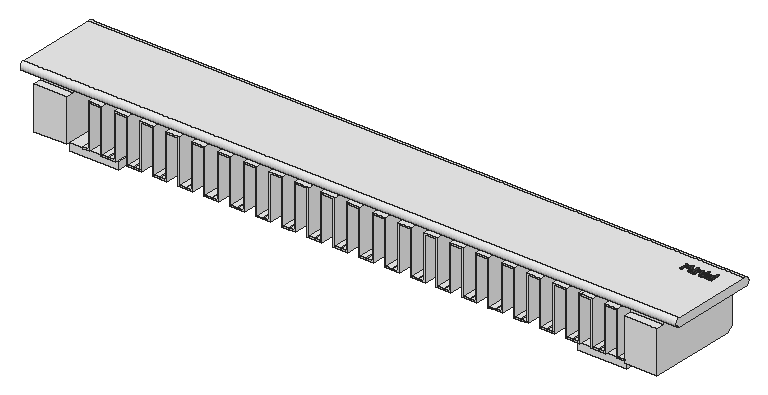
Revit family "Runtal-RF-1", category Mechanical Equipment, host Face, Revit 2026
Family settings
  Host = Face
  Round Connector Dimension = Use Diameter
  Part Type = Normal
  Classification Number = 23.75.10.14.14
  Cut with Voids When Loaded = No
  Maintain Annotation Orientation = No
  Shared = No
  Room Calculation Point = No
Parameters (values of type "Radiator-RF_1-Runtal-Commercial")
  URL = "http://www.runtalnorthamerica.com/commercial_institutional/type_rf.html"
  Model = "RF-1"
  Manufacturer = "Runtal Radiators"
  Logo = Paint-Runtal-B-Black Matte
  Length = 508.000 mm
  Lamelle = yes
  Height = 144.780 mm
  Grille Visibility = Actual Length < 1524.000 mm  # yes
  Grille = yes
  Frame = UHMW, White
  Fin Length = Actual Length - 38.100 mm - 38.100 mm  # 431.800 mm
  Fin Height = 67.000 mm
  Description = "RF radiators are mounted horizontally and consist of two rows of fins sandwiched between two layers of panels."
  Default Elevation = 1219.200 mm
  Casing = Powder Coated-Runtal-W-White
  Assembly Code = "D3020"
  Actual Length = if(Length < 508.000 mm, 508.000 mm, (if(Length > 8991.600 mm, 8991.600 mm, Length)))  # 508.000 mm
Reference planes
  plane 1 "Center (Front/Back)": y = 0
  plane 2: z = 0
  plane 3 "Center (Left/Right)": x = 0
  plane 4: z = 41.275
  plane 5: x = -254
  plane 6: x = 254
  plane 7: x = 215.9
  plane 8: x = -215.9
  plane 9: z = 47.625
  plane 10: x = -241.3
  plane 11: x = 241.3
  plane 12: y = 72.38
  plane 13: y = -72.38
  plane 14 "Top": y = 70.586
  plane 15 "Above Top": y = 72.38
  plane 16: y = 60.38
  plane 17: y = 61.38
  plane 18: z = 6.782
  plane 19: z = 36.275
  plane 20: z = 11.782
Forms (mm)
  Sweep 1, solid, material "Powder Coated-Runtal-W-White" <- "Casing"
    path origin (0, 2.53, -161.627) x (0, 0, -1) y (-1, 0, 0)
      loop
        line (-202.902, 254) -> (-202.902, -254)
    profile "PF Panel : PF Panel" origin (0, 2.53, 41.275) x (0, 0, -1) y (0, 1, 0)
      loop
        arc (-6.35, 3.175) -> (-3.175, 0) -> (0, 3.175) r 3.175
        line (0, 3.175) -> (0, 66.675)
        arc (0, 66.675) -> (-3.175, 69.85) -> (-6.35, 66.675) r 3.175
        line (-6.35, 66.675) -> (-6.35, 3.175)
  Extrusion 2, solid, material "Powder Coated-Runtal-W-White" <- "Casing", detail levels medium+fine
    sketch origin (0, 72.38, -82.252) x (0, 0, -1) y (-1, 0, 0)
      loop
        line (-87.652, 177.8) -> (-82.252, 177.8) -> (-82.252, 215.9) -> (-87.652, 215.9) -> (-87.652, 177.8)
      loop
        line (-87.698, -177.8) -> (-87.698, -215.9) -> (-82.252, -215.9) -> (-82.252, -177.8) -> (-87.698, -177.8)
    from -69.85 to -12
  Extrusion 3, solid, material "Powder Coated-Runtal-W-White" <- "Casing"
    sketch origin (0, -823.718, -82.38) x (0, 0, -1) y (0, 1, 0)
      loop
        line (-120.044, 894.716) -> (-123.655, 894.716) -> (-123.655, 877.758) -> (-120.48, 877.758) -> (-120.48, 844.553) -> (-123.655, 844.553) -> (-123.655, 830.329) -> (-120.48, 830.329) -> (-120.48, 823.718) -> (-87.78, 823.718) -> (-87.78, 892.046)
        arc (-87.78, 892.046) -> (-90.027, 894.984) -> (-93.554, 896.098) r 6.139
        line (-93.554, 896.098) -> (-115.316, 896.098)
        arc (-115.316, 896.098) -> (-117.779, 895.746) -> (-120.044, 894.716) r 8.781
    from 215.9 to 241.3
  Extrusion 4, solid, material "Powder Coated-Runtal-W-White" <- "Casing"
    sketch origin (-457.2, -987.433, -265.714) x (0, 0, -1) y (0, 1, 0)
      loop
        line (-303.378, 1058.431) -> (-306.989, 1058.431) -> (-306.989, 1041.473) -> (-303.814, 1041.473) -> (-303.814, 1008.268) -> (-306.989, 1008.268) -> (-306.989, 994.043) -> (-303.814, 994.043) -> (-303.814, 987.433) -> (-271.114, 987.433) -> (-271.114, 1055.761)
        arc (-271.114, 1055.761) -> (-273.361, 1058.699) -> (-276.887, 1059.813) r 6.139
        line (-276.887, 1059.813) -> (-298.649, 1059.813)
        arc (-298.649, 1059.813) -> (-301.112, 1059.46) -> (-303.378, 1058.431) r 8.781
    from 215.9 to 241.3
  Extrusion 5, solid, material "Paint-Runtal-B-Black Matte" <- "Logo"
    sketch origin (0, -823.718, -231.775) x (1, 0, 0) y (0, 1, 0)
      loop
        line (215.9, 877.175) -> (217.482, 877.175) -> (217.482, 880.935)
        arc (217.482, 880.935) -> (218.028, 881.547) -> (218.698, 881.075) r 0.616
        arc (218.698, 881.075) -> (218.926, 880.633) -> (219.216, 880.229) r 3.37
        line (219.216, 880.229) -> (221.077, 880.229) -> (219.757, 883.061)
        arc (219.757, 883.061) -> (219.338, 883.403) -> (218.812, 883.525) r 1.194
        line (218.812, 883.525) -> (216.635, 883.525)
        arc (216.635, 883.525) -> (216.118, 883.334) -> (215.9, 882.827) r 0.699
        line (215.9, 882.827) -> (215.9, 877.175)
      loop
        line (222.852, 877.146) -> (225.869, 877.146) -> (225.869, 883.46)
        arc (225.869, 883.46) -> (225.105, 883.929) -> (224.341, 883.46) r 0.856
        line (224.341, 883.46) -> (224.341, 879.55)
        arc (224.341, 879.55) -> (223.721, 878.929) -> (223.1, 879.55) r 0.62
        line (223.1, 879.55) -> (221.834, 883.692)
        arc (221.834, 883.692) -> (220.996, 884.11) -> (220.536, 883.296) r 0.68
        line (220.536, 883.296) -> (221.738, 878.473)
        arc (221.738, 878.473) -> (222.142, 877.681) -> (222.852, 877.146) r 1.976
      loop
        line (226.263, 877.175) -> (227.738, 877.175) -> (227.738, 881.08)
        arc (227.738, 881.08) -> (228.119, 881.677) -> (228.747, 881.35) r 0.524
        line (228.747, 881.35) -> (229.931, 878.096)
        arc (229.931, 878.096) -> (230.64, 877.334) -> (231.68, 877.312) r 1.335
        line (231.68, 877.312) -> (230.282, 882.529)
        arc (230.282, 882.529) -> (229.99, 883.234) -> (229.286, 883.525) r 0.996
        line (229.286, 883.525) -> (226.837, 883.525)
        arc (226.837, 883.525) -> (226.431, 883.357) -> (226.263, 882.951) r 0.574
        line (226.263, 882.951) -> (226.263, 877.175)
      loop
        line (232.362, 877.175) -> (233.546, 877.175) -> (233.546, 880.946)
        arc (233.546, 880.946) -> (233.686, 881.325) -> (234.038, 881.521) r 0.582
        line (234.038, 881.521) -> (236.904, 881.521)
        arc (236.904, 881.521) -> (237.565, 880.86) -> (236.904, 880.199) r 0.661
        line (236.904, 880.199) -> (235.445, 880.199)
        arc (235.445, 880.199) -> (234.937, 879.989) -> (234.726, 879.481) r 0.718
        line (234.726, 879.481) -> (234.726, 877.743)
        arc (234.726, 877.743) -> (235.131, 877.463) -> (235.621, 877.417) r 0.967
        line (235.621, 877.417) -> (238.115, 877.417)
        arc (238.115, 877.417) -> (238.698, 877.659) -> (238.939, 878.241) r 0.824
        line (238.939, 878.241) -> (238.939, 881.716)
        arc (238.939, 881.716) -> (238.614, 882.502) -> (237.828, 882.828) r 1.111
        line (237.828, 882.828) -> (234.143, 882.828)
        arc (234.143, 882.828) -> (233.721, 883.003) -> (233.546, 883.425) r 0.597
        line (233.546, 883.425) -> (233.546, 884.441)
        arc (233.546, 884.441) -> (232.868, 885.118) -> (232.191, 884.441) r 0.677
        line (232.191, 884.441) -> (232.191, 882.794)
        arc (232.191, 882.794) -> (231.752, 882.355) -> (231.152, 882.194) r 1.2
        arc (231.152, 882.194) -> (230.815, 881.857) -> (231.152, 881.521) r 0.336
        arc (231.152, 881.521) -> (231.811, 881.385) -> (232.362, 880.998) r 1.661
        line (232.362, 880.998) -> (232.362, 877.175)
      loop
        spline (235.817, 878.915) -> (235.846, 878.769) -> (235.933, 878.633) -> (236.07, 878.516) -> (236.248, 878.426) -> (236.456, 878.37) -> (236.68, 878.35) -> (236.903, 878.37) -> (237.111, 878.426) -> (237.289, 878.516) -> (237.427, 878.633) -> (237.513, 878.769) -> (237.542, 878.915)
        spline (237.542, 878.915) -> (237.513, 879.061) -> (237.427, 879.198) -> (237.289, 879.315) -> (237.111, 879.404) -> (236.903, 879.461) -> (236.68, 879.48) -> (236.456, 879.461) -> (236.248, 879.404) -> (236.07, 879.315) -> (235.933, 879.198) -> (235.846, 879.061) -> (235.817, 878.915)
      loop
        line (239.224, 877.175) -> (240.643, 877.175) -> (240.643, 884.403)
        arc (240.643, 884.403) -> (239.934, 885.113) -> (239.224, 884.403) r 0.71
        line (239.224, 884.403) -> (239.224, 877.175)
    from 279.4 to 279.569
  Extrusion 6, solid, material "Powder Coated-Runtal-W-White" <- "Casing"
    sketch origin (0, 0.171, 0) x (0, 1, 0) y (0, 0, 1)
      loop
        line (72.209, 41.275) -> (70.827, 41.275) -> (70.827, 6.782) -> (40.996, 6.782) -> (40.996, 5.4) -> (72.209, 5.4) -> (72.209, 41.275)
    from -215.9 to 215.9
Dimensions and locks
  locked: plane 4 to level at 41.275
  equal spacing: plane 5, plane 3 "Center (Left/Right)", plane 6  (x2)
  locked: plane 9 to level at 47.625
  locked: plane 7 to plane 6 at 38.1
  locked: plane 8 to plane 5 at 38.1
  "Actual Length": plane 5 to plane 6
  locked: plane 11 to plane 6 at 12.7
  locked: plane 5 to plane 10 at 12.7
  plane 16 to plane 15 "Above Top" = 12.000 mm
  locked: plane 18 to host face at 6.782
  locked: plane 20 to host face at 11.782
  aligned and locked: plane 2 to host face
  aligned and locked: level to host face
  aligned and locked: nested 1 to plane 7
  aligned and locked: Extrusion 3 to plane 7
  aligned and locked: Extrusion 3 to plane 11
  aligned and locked: plane 7 to Extrusion 2
  aligned and locked: plane 11 to Extrusion 3  (x2)
  aligned and locked: plane 7 to Extrusion 3  (x2)
  aligned and locked: plane 10 to Extrusion 4
  aligned and locked: plane 8 to Extrusion 4
  aligned and locked: level to nested 2
  aligned and locked: plane 8 to nested 2
  aligned and locked: Extrusion 4 to Extrusion 2
  aligned and locked: plane 7 to Extrusion 6
  aligned and locked: Extrusion 6 to plane 8
  aligned and locked: plane 8 to nested 4
  aligned and locked: plane 7 to nested 4
  aligned and locked: Extrusion 3 to Extrusion 6
  aligned and locked: nested 5 to plane 8
  aligned and locked: plane 17 to nested 5
  aligned and locked: nested 5 to plane 7
  aligned and locked: plane 18 to nested 1  (x2)
  aligned and locked: plane 20 to nested 4
  aligned and locked: Extrusion 6 to nested 1
  aligned and locked: Extrusion 6 to Extrusion 4 sketch curve  (x2)
  aligned and locked: Extrusion 3 sketch curve to Extrusion 4  (x2)
  aligned and locked: Extrusion 2 to plane 16
Automatic sketch dimensions
  host sketch curve to host sketch curve = 2438.400 mm  (x2)
  Sweep 1 sketch curve to plane 4 = 0.000 mm
  plane 6 to Sweep 1 sketch curve = 0.000 mm
  plane 5 to Sweep 1 sketch curve = 0.000 mm
  Extrusion 2 sketch curve to plane 7 = 0.000 mm
  Extrusion 2 sketch curve to plane 8 = 0.000 mm
  Extrusion 2 sketch curve to level = 0.000 mm  (x2)
  Extrusion 2 sketch curve to plane 7 = 38.100 mm
  level to Extrusion 2 sketch curve = 5.400 mm
  level to Extrusion 2 sketch curve = 5.446 mm
  Extrusion 2 sketch curve to Extrusion 2 sketch curve = 38.100 mm
  Extrusion 5 sketch curve to plane 7 = 0.000 mm
  plane 12 to Extrusion 5 sketch curve = 18.953 mm
  plane 7 to Extrusion 5 sketch curve = 0.735 mm
  Extrusion 5 sketch curve to Extrusion 5 sketch curve = 1.582 mm
  Extrusion 5 sketch curve to Extrusion 5 sketch curve = 2.177 mm
  Extrusion 5 sketch curve to Extrusion 5 sketch curve = 1.734 mm
  Extrusion 5 sketch curve to Extrusion 5 sketch curve = 0.945 mm
  Extrusion 5 sketch curve to Extrusion 5 sketch curve = 0.779 mm
  Extrusion 5 sketch curve to Extrusion 5 sketch curve = 1.861 mm
  Extrusion 5 sketch curve to Extrusion 5 sketch curve = 0.661 mm
  Extrusion 5 sketch curve to Extrusion 5 sketch curve = 1.298 mm
  Extrusion 5 sketch curve to Extrusion 5 sketch curve = 1.114 mm
  Extrusion 5 sketch curve to Extrusion 5 sketch curve = 1.362 mm
  Extrusion 5 sketch curve to Extrusion 5 sketch curve = 2.507 mm
  Extrusion 5 sketch curve to Extrusion 5 sketch curve = 1.528 mm
  Extrusion 5 sketch curve to Extrusion 5 sketch curve = 0.394 mm
  Extrusion 5 sketch curve to Extrusion 5 sketch curve = 0.574 mm
  Extrusion 5 sketch curve to Extrusion 5 sketch curve = 1.475 mm
  Extrusion 5 sketch curve to Extrusion 5 sketch curve = 1.008 mm
  Extrusion 5 sketch curve to Extrusion 5 sketch curve = 0.539 mm
  Extrusion 5 sketch curve to Extrusion 5 sketch curve = 2.193 mm
  Extrusion 5 sketch curve to Extrusion 5 sketch curve = 0.996 mm
  Extrusion 5 sketch curve to Extrusion 5 sketch curve = 1.749 mm
  Extrusion 5 sketch curve to Extrusion 5 sketch curve = 1.909 mm
  Extrusion 5 sketch curve to Extrusion 5 sketch curve = 0.683 mm
  Extrusion 5 sketch curve to Extrusion 5 sketch curve = 1.355 mm
  Extrusion 5 sketch curve to Extrusion 5 sketch curve = 1.184 mm
  Extrusion 5 sketch curve to Extrusion 5 sketch curve = 0.492 mm  (x2)
  Extrusion 5 sketch curve to Extrusion 5 sketch curve = 1.181 mm
  Extrusion 5 sketch curve to Extrusion 5 sketch curve = 0.718 mm
  Extrusion 5 sketch curve to Extrusion 5 sketch curve = 0.894 mm
  Extrusion 5 sketch curve to Extrusion 5 sketch curve = 1.460 mm
  Extrusion 5 sketch curve to Extrusion 5 sketch curve = 0.923 mm
  Extrusion 5 sketch curve to Extrusion 5 sketch curve = 2.495 mm
  Extrusion 5 sketch curve to Extrusion 5 sketch curve = 1.111 mm
  Extrusion 5 sketch curve to Extrusion 5 sketch curve = 0.285 mm
  plane 11 to Extrusion 5 sketch curve = 0.657 mm
  Extrusion 5 sketch curve to Extrusion 5 sketch curve = 0.699 mm
  Extrusion 5 sketch curve to Extrusion 5 sketch curve = 0.616 mm
  Extrusion 5 sketch curve to Extrusion 5 sketch curve = 0.600 mm
  Extrusion 5 sketch curve to Extrusion 5 sketch curve = 0.660 mm
  Extrusion 5 sketch curve to Extrusion 5 sketch curve = 0.603 mm
  Extrusion 5 sketch curve to Extrusion 5 sketch curve = 0.065 mm
  Extrusion 5 sketch curve to Extrusion 5 sketch curve = 0.764 mm
  Extrusion 5 sketch curve to Extrusion 5 sketch curve = 0.870 mm
  Extrusion 5 sketch curve to Extrusion 5 sketch curve = 0.034 mm
  Extrusion 5 sketch curve to Extrusion 5 sketch curve = 0.582 mm
  Extrusion 5 sketch curve to Extrusion 5 sketch curve = 0.597 mm
  Extrusion 5 sketch curve to Extrusion 5 sketch curve = 0.000 mm  (x3)
  Extrusion 5 sketch curve to Extrusion 5 sketch curve = 0.735 mm
  Extrusion 5 sketch curve to Extrusion 5 sketch curve = 0.356 mm
  Extrusion 5 sketch curve to Extrusion 5 sketch curve = 0.863 mm
  Extrusion 5 sketch curve to Extrusion 5 sketch curve = 0.030 mm  (x4)
  Extrusion 5 sketch curve to Extrusion 5 sketch curve = 0.137 mm
  Extrusion 5 sketch curve to Extrusion 5 sketch curve = 0.242 mm
  Extrusion 5 sketch curve to Extrusion 5 sketch curve = 0.326 mm
  Extrusion 5 sketch curve to Extrusion 5 sketch curve = 0.784 mm
  Extrusion 5 sketch curve to Extrusion 5 sketch curve = 1.327 mm
  Extrusion 5 sketch curve to Extrusion 5 sketch curve = 1.109 mm
  Extrusion 5 sketch curve to Extrusion 5 sketch curve = 0.599 mm
  Extrusion 5 sketch curve to Extrusion 5 sketch curve = 1.756 mm
  Extrusion 5 sketch curve to Extrusion 5 sketch curve = 0.706 mm
  Extrusion 5 sketch curve to Extrusion 5 sketch curve = 1.466 mm
  Extrusion 5 sketch curve to Extrusion 5 sketch curve = 0.051 mm
  Extrusion 5 sketch curve to Extrusion 5 sketch curve = 2.984 mm
  Extrusion 5 sketch curve to Extrusion 5 sketch curve = 0.270 mm
  Extrusion 5 sketch curve to Extrusion 5 sketch curve = 0.195 mm
  Extrusion 5 sketch curve to Extrusion 5 sketch curve = 1.179 mm
  Extrusion 5 sketch curve to Extrusion 5 sketch curve = 0.631 mm
  Extrusion 5 sketch curve to Extrusion 5 sketch curve = 1.892 mm
  Extrusion 5 sketch curve to Extrusion 5 sketch curve = 0.464 mm
  Extrusion 5 sketch curve to Extrusion 5 sketch curve = 0.235 mm
  Extrusion 5 sketch curve to Extrusion 5 sketch curve = 0.509 mm
  Extrusion 5 sketch curve to Extrusion 5 sketch curve = 1.297 mm
  Extrusion 5 sketch curve to Extrusion 5 sketch curve = 1.575 mm
  Extrusion 5 sketch curve to Extrusion 5 sketch curve = 1.647 mm
  Extrusion 5 sketch curve to Extrusion 5 sketch curve = 0.544 mm
  Extrusion 5 sketch curve to Extrusion 5 sketch curve = 1.307 mm
  Extrusion 5 sketch curve to Extrusion 5 sketch curve = 0.336 mm
  Extrusion 5 sketch curve to Extrusion 5 sketch curve = 0.387 mm
  plane 4 to Extrusion 4 sketch curve = 0.000 mm  (x2)
  Extrusion 4 sketch curve to plane 1 "Center (Front/Back)" = 0.000 mm
  plane 4 to Extrusion 4 sketch curve = 3.175 mm
  Extrusion 4 sketch curve to plane 1 "Center (Front/Back)" = 6.610 mm
  Extrusion 4 sketch curve to Extrusion 4 sketch curve = 3.175 mm
  level to Extrusion 4 sketch curve = 11.173 mm
  plane 14 "Top" to Extrusion 4 sketch curve = 2.258 mm
  level to Extrusion 4 sketch curve = 5.400 mm
  Extrusion 4 sketch curve to Extrusion 4 sketch curve = 14.225 mm
  plane 4 to Extrusion 3 sketch curve = 0.000 mm  (x2)
  Extrusion 3 sketch curve to plane 1 "Center (Front/Back)" = 0.000 mm
  plane 4 to Extrusion 3 sketch curve = 3.175 mm  (x2)
  Extrusion 3 sketch curve to plane 1 "Center (Front/Back)" = 6.610 mm
  level to Extrusion 3 sketch curve = 11.173 mm
  plane 14 "Top" to Extrusion 3 sketch curve = 2.258 mm
  level to Extrusion 3 sketch curve = 5.400 mm
  Extrusion 3 sketch curve to Extrusion 3 sketch curve = 14.225 mm
  Extrusion 6 sketch curve to plane 4 = 0.000 mm
  plane 12 to Extrusion 6 sketch curve = 0.000 mm
  level to Extrusion 6 sketch curve = 5.400 mm
  Extrusion 6 sketch curve to plane 14 "Top" = 0.412 mm
  Extrusion 6 sketch curve to Extrusion 6 sketch curve = 29.831 mm
  Extrusion 6 sketch curve to Extrusion 6 sketch curve = 1.382 mm
  plane 19 to Extrusion 4 sketch curve = 3.340 mm
  plane 16 to Extrusion 4 sketch curve = 6.340 mm
  Extrusion 4 sketch curve to plane 19 = 1.389 mm
  plane 19 to Extrusion 3 sketch curve = 3.340 mm
  plane 16 to Extrusion 3 sketch curve = 6.340 mm
  Extrusion 3 sketch curve to plane 19 = 1.389 mm
Nested families
  nested 1: "Family Fins" at (215.9, 0, 6.782) x (-1, 0, 0) z (0, 1, 0), type "Family Fins", detail levels medium+fine
    with fHeight 67.000 mm
  nested 2: "RF_Plan_Medium" at (-0.012, 0, 0) x (-1, 0, 0) z (0, -1, 0), type "RF_Plan_Medium", detail levels medium+fine
  nested 3: "RF_Plan_coarse" at (-0.012, 72.38, 0.952) x (-1, 0, 0) z (0, -1, 0), type "RF_Plan_coarse"
  nested 4: "Family Grilles" at (-215.9, 72.38, 11.782) x (1, 0, 0) z (0, -1, 0), visible <- "Grille Visibility", type "Family Grilles", detail levels fine
  nested 5: "Family Back Grilles" at (215.9, 61.38, 5.4) x (-1, 0, 0) z (0, 0, -1), visible <- "Grille Visibility", type "Family Back Grilles", detail levels fine
Connectors
  piping at (-196.85, 31.455, 0), diameter 609.6
    settings: on Extrusion 2, index 1, connector inside diameter 24", connector length 0.000 mm, flow factor 0, pipe flow 0 GPM, pressure drop 0.00 psi, fitting loss kfactor 0, connector angle 0.00°, fixture units 0, engagement length 0.000 mm, angle of deflection 0.00°, flow configuration 0, flow direction 0, fitting loss method 0, system type 7, joint type 0, gender type 0, connector reference index -1, connector utility 0, adjustable connector no, is connector primary yes, connector description ""
Definition of nested family "Family Fins"
  Parameters
    finLength = 431.800 mm
    fin# = rounddown((finLength) / 19.990 mm)  # 21
    fin = none
    fHeight = 120.000 mm
    Default Elevation = 0.000 mm  # constant formula
  Reference planes
    plane 1 "Center (Front/Back)": y = 0
    plane 2 "Stick": z = 0
    plane 3 "Center (Left/Right)": x = 0
    plane 4: x = 431.8
  Forms (mm)
    Extrusion 1, solid
      sketch origin (0, 0, 0) x (1, 0, 0) y (0, 1, 0)
        loop
          line (-1219.2, 1219.2) -> (-1219.2, -1219.2) -> (1219.2, -1219.2) -> (1219.2, 1219.2) -> (-1219.2, 1219.2)
      from 0 to -304.8
  Dimensions and locks
    "finLength": plane 3 "Center (Left/Right)" to plane 4
    equal spacing: group 1, group 2, group 3, group 4, group 5, group 6, group 7, group 8, group 9, group 10, group 11, group 12, group 13, group 14, group 15, group 16, group 17, group 18, group 19, group 20, group 21  (x3)
    aligned and locked: plane 2 "Stick" to Extrusion 1
    aligned and locked: level to Extrusion 1
  Automatic sketch dimensions
    Extrusion 1 sketch curve to Extrusion 1 sketch curve = 2438.400 mm  (x2)
  Nested families
    nested 1: "Family Lamelle" at (9.995, 0, 0), type "Family Lamelle"
      with fHeight 120.000 mm
    nested 2: "Family Lamelle" at (29.985, 0, 0), type "Family Lamelle"
      with fHeight 120.000 mm
    nested 3: "Family Lamelle" at (49.975, 0, 0), type "Family Lamelle"
      with fHeight 120.000 mm
    nested 4: "Family Lamelle" at (69.964, 0, 0), type "Family Lamelle"
      with fHeight 120.000 mm
    nested 5: "Family Lamelle" at (89.954, 0, 0), type "Family Lamelle"
      with fHeight 120.000 mm
    nested 6: "Family Lamelle" at (109.944, 0, 0), type "Family Lamelle"
      with fHeight 120.000 mm
    nested 7: "Family Lamelle" at (129.934, 0, 0), type "Family Lamelle"
      with fHeight 120.000 mm
    nested 8: "Family Lamelle" at (149.924, 0, 0), type "Family Lamelle"
      with fHeight 120.000 mm
    nested 9: "Family Lamelle" at (169.913, 0, 0), type "Family Lamelle"
      with fHeight 120.000 mm
    nested 10: "Family Lamelle" at (189.903, 0, 0), type "Family Lamelle"
      with fHeight 120.000 mm
    nested 11: "Family Lamelle" at (209.893, 0, 0), type "Family Lamelle"
      with fHeight 120.000 mm
    nested 12: "Family Lamelle" at (229.883, 0, 0), type "Family Lamelle"
      with fHeight 120.000 mm
    nested 13: "Family Lamelle" at (249.873, 0, 0), type "Family Lamelle"
      with fHeight 120.000 mm
    nested 14: "Family Lamelle" at (269.862, 0, 0), type "Family Lamelle"
      with fHeight 120.000 mm
    nested 15: "Family Lamelle" at (289.852, 0, 0), type "Family Lamelle"
      with fHeight 120.000 mm
    nested 16: "Family Lamelle" at (309.842, 0, 0), type "Family Lamelle"
      with fHeight 120.000 mm
    nested 17: "Family Lamelle" at (329.832, 0, 0), type "Family Lamelle"
      with fHeight 120.000 mm
    nested 18: "Family Lamelle" at (349.822, 0, 0), type "Family Lamelle"
      with fHeight 120.000 mm
    nested 19: "Family Lamelle" at (369.811, 0, 0), type "Family Lamelle"
      with fHeight 120.000 mm
    nested 20: "Family Lamelle" at (389.801, 0, 0), type "Family Lamelle"
      with fHeight 120.000 mm
    nested 21: "Family Lamelle" at (409.791, 0, 0), type "Family Lamelle"
      with fHeight 120.000 mm
  Definition of nested family "Family Lamelle"
    Parameters
      fHeight = 66.000 mm
      Fin = none
      Default Elevation = 1219.200 mm
    Reference planes
      plane 1 "Center (Front/Back)": y = 0
      plane 2: z = 0
      plane 3 "Center (Left/Right)": x = 0
    Forms (mm)
      Extrusion 1, solid
        sketch origin (0, 0, 0) x (1, 0, 0) y (0, 1, 0)
          loop
            line (-1219.2, 1219.2) -> (-1219.2, -1219.2) -> (1219.2, -1219.2) -> (1219.2, 1219.2) -> (-1219.2, 1219.2)
        from 0 to -304.8
      Sweep 2, solid, material <- "Fin"
        path origin (0, 0, 0) x (1, 0, 0) y (0, 0, 1)
          loop
            line (0, 0) -> (0, 66)
        profile "PF Lamelle : PF Lamelle" origin (0, 0, 33) x (-1, 0, 0) y (0, -1, 0)
          loop
            line (9.995, 0) -> (4.229, 0) -> (4.229, -33.477) -> (-4.229, -33.477) -> (-4.229, 0) -> (-9.995, 0) -> (-9.995, -1.016) -> (-5.245, -1.016) -> (-5.245, -34.493) -> (5.245, -34.493) -> (5.245, -1.016) -> (9.995, -1.016) -> (9.995, 0)
    Dimensions and locks
      "fHeight": Sweep 2 sketch curve to plane 2
      aligned and locked: plane 2 to Extrusion 1
      aligned and locked: level to Extrusion 1
    Automatic sketch dimensions
      Extrusion 1 sketch curve to Extrusion 1 sketch curve = 2438.400 mm  (x2)
      Sweep 2 sketch curve to plane 3 "Center (Left/Right)" = 0.000 mm
      Sweep 2 sketch curve to level = 0.000 mm
Definition of nested family "RF_Plan_Medium"
  Parameters
    width = 508.000 mm
  Reference planes
    plane 1 "Center (Front/Back)": y = 0
    plane 2: z = 0
    plane 3 "Center (Left/Right)": x = 0
    plane 4: x = -254
    plane 5: x = 254
    plane 6: x = -177.8
    plane 7: x = 177.8
  Lines and regions (mm)
    detail lines, in view "Ref. Level", detail levels medium+fine
      curve 1: line (254, -47.66, 0) -> (-254, -47.66, 0)
      curve 2: line (254, -41.31, 0) -> (254, -47.66, 0)
      curve 3: line (-254, -41.31, 0) -> (254, -41.31, 0)
      curve 4: line (-254, -47.66, 0) -> (-254, -41.31, 0)
      curve 5: line (241.3, -5.435, 0) -> (241.3, -41.31, 0)
      curve 6: line (215.888, -41.31, 0) -> (215.888, -5.435, 0)
      curve 7: line (-215.9, -41.31, 0) -> (-241.3, -41.31, 0)
      curve 8: line (-215.9, -5.435, 0) -> (-215.9, -41.31, 0)
      curve 9: line (215.888, -41.31, 0) -> (-215.9, -41.31, 0)
      curve 10: line (215.888, -5.435, 0) -> (215.888, -41.31, 0)
      curve 11: line (-215.9, -5.435, 0) -> (215.888, -5.435, 0)
      curve 12: line (-215.9, -41.31, 0) -> (-215.9, -5.435, 0)
      curve 13: line (241.3, -5.435, 0) -> (177.8, -5.435, 0)
      curve 14: line (215.888, 0, 0) -> (215.888, -5.435, 0)
      curve 15: line (177.8, 0, 0) -> (215.888, 0, 0)
      curve 16: line (177.8, -5.435, 0) -> (177.8, 0, 0)
      curve 17: line (-215.9, -5.435, 0) -> (-241.3, -5.435, 0)
      curve 18: line (-177.8, 0, 0) -> (-177.8, -5.435, 0)
      curve 19: line (-215.9, 0, 0) -> (-177.8, 0, 0)
      curve 20: line (-215.9, -5.435, 0) -> (-215.9, 0, 0)
    detail lines, in view "Ref. Level"
      curve 21: line (-177.8, -5.435, 0) -> (177.8, -5.435, 0)
      curve 22: line (-254, -47.66, 0) -> (-254, -41.31, 0)
      curve 23: line (-254, -41.31, 0) -> (-241.3, -41.31, 0)
      curve 24: line (-241.3, -41.31, 0) -> (-241.3, -5.435, 0)
      curve 25: line (-241.3, -5.435, 0) -> (-215.9, -5.435, 0)
      curve 26: line (-215.9, -5.435, 0) -> (-215.9, 0, 0)
      curve 27: line (-215.9, 0, 0) -> (-177.8, 0, 0)
      curve 28: line (-177.8, 0, 0) -> (-177.8, -5.435, 0)
      curve 29: line (177.8, -5.435, 0) -> (177.8, -0.04, 0)
      curve 30: line (177.8, -0.04, 0) -> (215.888, -0.04, 0)
      curve 31: line (215.888, -0.04, 0) -> (215.888, -5.435, 0)
      curve 32: line (215.888, -5.435, 0) -> (241.3, -5.435, 0)
      curve 33: line (241.3, -5.435, 0) -> (241.3, -41.31, 0)
      curve 34: line (241.3, -41.31, 0) -> (254, -41.31, 0)
      curve 35: line (254, -41.31, 0) -> (254, -47.66, 0)
      curve 36: line (254, -47.66, 0) -> (-254, -47.66, 0)
  Dimensions and locks
    equal spacing: plane 4, plane 3 "Center (Left/Right)", plane 5
    "width": plane 4 to plane 5
    locked: plane 7 to plane 5 at 76.2
    locked: plane 4 to plane 6 at 76.2
    aligned and locked: plane 1 "Center (Front/Back)" to curve 19
    aligned and locked: plane 1 "Center (Front/Back)" to curve 15
    aligned and locked: curve 25 to curve 21
    aligned and locked: curve 21 to curve 32
  Automatic sketch dimensions
    curve 36 to plane 4 = 0.000 mm
    curve 28 to plane 6 = 0.000 mm
    curve 30 to plane 7 = 0.000 mm
    curve 15 to plane 7 = 0.000 mm
    curve 2 to plane 5 = 0.000 mm
    plane 1 "Center (Front/Back)" to curve 1 = 47.660 mm
    curve 23 to plane 4 = 12.700 mm
    curve 24 to curve 26 = 25.400 mm
    plane 1 "Center (Front/Back)" to curve 11 = 5.435 mm
    curve 13 to curve 11 = 38.088 mm
    curve 6 to curve 31 = 0.000 mm
    plane 5 to curve 33 = 12.700 mm
    curve 22 to curve 24 = 6.350 mm
    plane 1 "Center (Front/Back)" to curve 31 = 0.040 mm
Definition of nested family "RF_Plan_coarse"
  Parameters
    width = 508.000 mm
  Reference planes
    plane 1 "Center (Front/Back)": y = 0
    plane 2: z = 0
    plane 3 "Center (Left/Right)": x = 0
    plane 4: x = -254
    plane 5: x = 254
    plane 6: x = -177.8
    plane 7: x = 177.8
  Lines and regions (mm)
    Masking region 1, in view "Ref. Level", detail levels coarse
      outline origin (0, 0, 0) x (1, 0, 0) y (0, 1, 0)
        loop
          line (-177.8, -4.443) -> (-177.8, 0.957) -> (-215.9, 0.957) -> (-215.9, -3.805) -> (-241.3, -3.805) -> (-241.3, -40.318) -> (-254, -40.318) -> (-254, -46.668) -> (254, -46.668) -> (254, -40.318) -> (241.3, -40.318) -> (241.3, -3.822) -> (215.888, -3.822) -> (215.888, 0.952) -> (177.8, 0.952) -> (177.8, -4.443) -> (-177.8, -4.443)
  Dimensions and locks
    equal spacing: plane 4, plane 3 "Center (Left/Right)", plane 5
    "width": plane 4 to plane 5
    locked: plane 7 to plane 5 at 76.2
    locked: plane 4 to plane 6 at 76.2
    aligned and locked: Masking region 1 sketch curve to plane 4
    aligned and locked: plane 6 to Masking region 1 sketch curve
    aligned and locked: plane 5 to Masking region 1 sketch curve
    aligned and locked: plane 7 to Masking region 1 sketch curve
  Automatic sketch dimensions
    plane 1 "Center (Front/Back)" to Masking region 1 sketch curve = 46.668 mm
    plane 1 "Center (Front/Back)" to Masking region 1 sketch curve = 3.805 mm
    Masking region 1 sketch curve to plane 4 = 12.700 mm
    Masking region 1 sketch curve to Masking region 1 sketch curve = 25.400 mm
    plane 1 "Center (Front/Back)" to Masking region 1 sketch curve = 3.822 mm
    Masking region 1 sketch curve to Masking region 1 sketch curve = 38.088 mm
    plane 5 to Masking region 1 sketch curve = 12.700 mm
    Masking region 1 sketch curve to Masking region 1 sketch curve = 6.350 mm  (x2)
    plane 1 "Center (Front/Back)" to Masking region 1 sketch curve = 4.443 mm
    Masking region 1 sketch curve to plane 1 "Center (Front/Back)" = 0.952 mm
    Masking region 1 sketch curve to plane 1 "Center (Front/Back)" = 0.957 mm
Definition of nested family "Family Grilles"
  Parameters
    finLength = 431.800 mm
    Right# = ((finLength - 10.160 mm) / (5.080 mm)) + 1  # 84
    Left# = ((finLength - 7.620 mm) / (5.080 mm)) + 1  # 85
    Default Elevation = 1219.200 mm
  Reference planes
    plane 1 "Center (Front/Back)": y = 0
    plane 2: z = 0
    plane 3 "Center (Left/Right)": x = 0
    plane 4: x = 431.8
  Forms (mm)
    Extrusion 1, solid
      sketch origin (0, 0, 0) x (1, 0, 0) y (0, 1, 0)
        loop
          line (-1219.2, 1219.2) -> (-1219.2, -1219.2) -> (1219.2, -1219.2) -> (1219.2, 1219.2) -> (-1219.2, 1219.2)
      from 0 to -304.8
  Lines and regions (mm)
    model lines
      curve 1: circle (2.54, 23.495, 0) r 1.27 normal (0, 0, 1)
      curve 2: circle (2.54, 14.605, 0) r 1.27 normal (0, 0, 1)
      curve 3: circle (2.54, 5.715, 0) r 1.27 normal (0, 0, 1)
      curve 4: circle (5.08, 19.05, 0) r 1.27 normal (0, 0, 1)
      curve 5: circle (5.08, 10.16, 0) r 1.27 normal (0, 0, 1)
      curve 6: circle (5.08, 1.27, 0) r 1.27 normal (0, 0, 1)
      curve 13: circle (7.62, 23.495, 0) r 1.27 normal (0, 0, 1)
      curve 14: circle (7.62, 14.605, 0) r 1.27 normal (0, 0, 1)
      curve 15: circle (7.62, 5.715, 0) r 1.27 normal (0, 0, 1)
      curve 16: circle (10.16, 19.05, 0) r 1.27 normal (0, 0, 1)
      curve 17: circle (10.16, 10.16, 0) r 1.27 normal (0, 0, 1)
      curve 18: circle (10.16, 1.27, 0) r 1.27 normal (0, 0, 1)
      curve 19: circle (15.24, 19.05, 0) r 1.27 normal (0, 0, 1)
      curve 20: circle (15.24, 10.16, 0) r 1.27 normal (0, 0, 1)
      curve 21: circle (15.24, 1.27, 0) r 1.27 normal (0, 0, 1)
      curve 22: circle (20.32, 19.05, 0) r 1.27 normal (0, 0, 1)
      curve 23: circle (20.32, 10.16, 0) r 1.27 normal (0, 0, 1)
      curve 24: circle (20.32, 1.27, 0) r 1.27 normal (0, 0, 1)
      curve 25: circle (12.7, 23.495, 0) r 1.27 normal (0, 0, 1)
      curve 26: circle (12.7, 14.605, 0) r 1.27 normal (0, 0, 1)
      curve 27: circle (12.7, 5.715, 0) r 1.27 normal (0, 0, 1)
      curve 28: circle (17.78, 23.495, 0) r 1.27 normal (0, 0, 1)
      curve 29: circle (17.78, 14.605, 0) r 1.27 normal (0, 0, 1)
      curve 30: circle (17.78, 5.715, 0) r 1.27 normal (0, 0, 1)
      curve 31: circle (22.86, 23.495, 0) r 1.27 normal (0, 0, 1)
      curve 32: circle (22.86, 14.605, 0) r 1.27 normal (0, 0, 1)
      curve 33: circle (22.86, 5.715, 0) r 1.27 normal (0, 0, 1)
      curve 34: circle (27.94, 23.495, 0) r 1.27 normal (0, 0, 1)
      curve 35: circle (27.94, 14.605, 0) r 1.27 normal (0, 0, 1)
      curve 36: circle (27.94, 5.715, 0) r 1.27 normal (0, 0, 1)
      curve 37: circle (33.02, 23.495, 0) r 1.27 normal (0, 0, 1)
      curve 38: circle (33.02, 14.605, 0) r 1.27 normal (0, 0, 1)
      curve 39: circle (33.02, 5.715, 0) r 1.27 normal (0, 0, 1)
      curve 40: circle (38.1, 23.495, 0) r 1.27 normal (0, 0, 1)
      curve 41: circle (38.1, 14.605, 0) r 1.27 normal (0, 0, 1)
      curve 42: circle (38.1, 5.715, 0) r 1.27 normal (0, 0, 1)
      curve 43: circle (43.18, 23.495, 0) r 1.27 normal (0, 0, 1)
      curve 44: circle (43.18, 14.605, 0) r 1.27 normal (0, 0, 1)
      curve 45: circle (43.18, 5.715, 0) r 1.27 normal (0, 0, 1)
      curve 46: circle (48.26, 23.495, 0) r 1.27 normal (0, 0, 1)
      curve 47: circle (48.26, 14.605, 0) r 1.27 normal (0, 0, 1)
      curve 48: circle (48.26, 5.715, 0) r 1.27 normal (0, 0, 1)
      curve 49: circle (53.34, 23.495, 0) r 1.27 normal (0, 0, 1)
      curve 50: circle (53.34, 14.605, 0) r 1.27 normal (0, 0, 1)
      curve 51: circle (53.34, 5.715, 0) r 1.27 normal (0, 0, 1)
      curve 52: circle (58.42, 23.495, 0) r 1.27 normal (0, 0, 1)
      curve 53: circle (58.42, 14.605, 0) r 1.27 normal (0, 0, 1)
      curve 54: circle (58.42, 5.715, 0) r 1.27 normal (0, 0, 1)
      curve 55: circle (63.5, 23.495, 0) r 1.27 normal (0, 0, 1)
      curve 56: circle (63.5, 14.605, 0) r 1.27 normal (0, 0, 1)
      curve 57: circle (63.5, 5.715, 0) r 1.27 normal (0, 0, 1)
      curve 58: circle (68.58, 23.495, 0) r 1.27 normal (0, 0, 1)
      curve 59: circle (68.58, 14.605, 0) r 1.27 normal (0, 0, 1)
      curve 60: circle (68.58, 5.715, 0) r 1.27 normal (0, 0, 1)
      curve 61: circle (73.66, 23.495, 0) r 1.27 normal (0, 0, 1)
      curve 62: circle (73.66, 14.605, 0) r 1.27 normal (0, 0, 1)
      curve 63: circle (73.66, 5.715, 0) r 1.27 normal (0, 0, 1)
      curve 64: circle (78.74, 23.495, 0) r 1.27 normal (0, 0, 1)
      curve 65: circle (78.74, 14.605, 0) r 1.27 normal (0, 0, 1)
      curve 66: circle (78.74, 5.715, 0) r 1.27 normal (0, 0, 1)
      curve 67: circle (83.82, 23.495, 0) r 1.27 normal (0, 0, 1)
      curve 68: circle (83.82, 14.605, 0) r 1.27 normal (0, 0, 1)
      curve 69: circle (83.82, 5.715, 0) r 1.27 normal (0, 0, 1)
      curve 70: circle (88.9, 23.495, 0) r 1.27 normal (0, 0, 1)
      curve 71: circle (88.9, 14.605, 0) r 1.27 normal (0, 0, 1)
      curve 72: circle (88.9, 5.715, 0) r 1.27 normal (0, 0, 1)
      curve 73: circle (93.98, 23.495, 0) r 1.27 normal (0, 0, 1)
      curve 74: circle (93.98, 14.605, 0) r 1.27 normal (0, 0, 1)
      curve 75: circle (93.98, 5.715, 0) r 1.27 normal (0, 0, 1)
      curve 76: circle (99.06, 23.495, 0) r 1.27 normal (0, 0, 1)
      curve 77: circle (99.06, 14.605, 0) r 1.27 normal (0, 0, 1)
      curve 78: circle (99.06, 5.715, 0) r 1.27 normal (0, 0, 1)
      curve 79: circle (104.14, 23.495, 0) r 1.27 normal (0, 0, 1)
      curve 80: circle (104.14, 14.605, 0) r 1.27 normal (0, 0, 1)
      curve 81: circle (104.14, 5.715, 0) r 1.27 normal (0, 0, 1)
      curve 82: circle (109.22, 23.495, 0) r 1.27 normal (0, 0, 1)
      curve 83: circle (109.22, 14.605, 0) r 1.27 normal (0, 0, 1)
      curve 84: circle (109.22, 5.715, 0) r 1.27 normal (0, 0, 1)
      curve 85: circle (114.3, 23.495, 0) r 1.27 normal (0, 0, 1)
      curve 86: circle (114.3, 14.605, 0) r 1.27 normal (0, 0, 1)
      curve 87: circle (114.3, 5.715, 0) r 1.27 normal (0, 0, 1)
      curve 88: circle (119.38, 23.495, 0) r 1.27 normal (0, 0, 1)
      curve 89: circle (119.38, 14.605, 0) r 1.27 normal (0, 0, 1)
      curve 90: circle (119.38, 5.715, 0) r 1.27 normal (0, 0, 1)
      curve 91: circle (124.46, 23.495, 0) r 1.27 normal (0, 0, 1)
      curve 92: circle (124.46, 14.605, 0) r 1.27 normal (0, 0, 1)
      curve 93: circle (124.46, 5.715, 0) r 1.27 normal (0, 0, 1)
      curve 94: circle (129.54, 23.495, 0) r 1.27 normal (0, 0, 1)
      curve 95: circle (129.54, 14.605, 0) r 1.27 normal (0, 0, 1)
      curve 96: circle (129.54, 5.715, 0) r 1.27 normal (0, 0, 1)
      curve 97: circle (134.62, 23.495, 0) r 1.27 normal (0, 0, 1)
      curve 98: circle (134.62, 14.605, 0) r 1.27 normal (0, 0, 1)
      curve 99: circle (134.62, 5.715, 0) r 1.27 normal (0, 0, 1)
      curve 100: circle (139.7, 23.495, 0) r 1.27 normal (0, 0, 1)
      curve 101: circle (139.7, 14.605, 0) r 1.27 normal (0, 0, 1)
      curve 102: circle (139.7, 5.715, 0) r 1.27 normal (0, 0, 1)
      curve 103: circle (144.78, 23.495, 0) r 1.27 normal (0, 0, 1)
      curve 104: circle (144.78, 14.605, 0) r 1.27 normal (0, 0, 1)
      curve 105: circle (144.78, 5.715, 0) r 1.27 normal (0, 0, 1)
      curve 106: circle (149.86, 23.495, 0) r 1.27 normal (0, 0, 1)
      curve 107: circle (149.86, 14.605, 0) r 1.27 normal (0, 0, 1)
      curve 108: circle (149.86, 5.715, 0) r 1.27 normal (0, 0, 1)
      curve 109: circle (154.94, 23.495, 0) r 1.27 normal (0, 0, 1)
      curve 110: circle (154.94, 14.605, 0) r 1.27 normal (0, 0, 1)
      curve 111: circle (154.94, 5.715, 0) r 1.27 normal (0, 0, 1)
      curve 112: circle (160.02, 23.495, 0) r 1.27 normal (0, 0, 1)
      curve 113: circle (160.02, 14.605, 0) r 1.27 normal (0, 0, 1)
      curve 114: circle (160.02, 5.715, 0) r 1.27 normal (0, 0, 1)
      curve 115: circle (165.1, 23.495, 0) r 1.27 normal (0, 0, 1)
      curve 116: circle (165.1, 14.605, 0) r 1.27 normal (0, 0, 1)
      curve 117: circle (165.1, 5.715, 0) r 1.27 normal (0, 0, 1)
      curve 118: circle (170.18, 23.495, 0) r 1.27 normal (0, 0, 1)
      curve 119: circle (170.18, 14.605, 0) r 1.27 normal (0, 0, 1)
      curve 120: circle (170.18, 5.715, 0) r 1.27 normal (0, 0, 1)
      curve 121: circle (175.26, 23.495, 0) r 1.27 normal (0, 0, 1)
      curve 122: circle (175.26, 14.605, 0) r 1.27 normal (0, 0, 1)
      curve 123: circle (175.26, 5.715, 0) r 1.27 normal (0, 0, 1)
      curve 124: circle (180.34, 23.495, 0) r 1.27 normal (0, 0, 1)
      curve 125: circle (180.34, 14.605, 0) r 1.27 normal (0, 0, 1)
      curve 126: circle (180.34, 5.715, 0) r 1.27 normal (0, 0, 1)
      curve 127: circle (185.42, 23.495, 0) r 1.27 normal (0, 0, 1)
      curve 128: circle (185.42, 14.605, 0) r 1.27 normal (0, 0, 1)
      curve 129: circle (185.42, 5.715, 0) r 1.27 normal (0, 0, 1)
      curve 130: circle (190.5, 23.495, 0) r 1.27 normal (0, 0, 1)
      curve 131: circle (190.5, 14.605, 0) r 1.27 normal (0, 0, 1)
      curve 132: circle (190.5, 5.715, 0) r 1.27 normal (0, 0, 1)
      curve 133: circle (195.58, 23.495, 0) r 1.27 normal (0, 0, 1)
      curve 134: circle (195.58, 14.605, 0) r 1.27 normal (0, 0, 1)
      curve 135: circle (195.58, 5.715, 0) r 1.27 normal (0, 0, 1)
      curve 136: circle (200.66, 23.495, 0) r 1.27 normal (0, 0, 1)
      curve 137: circle (200.66, 14.605, 0) r 1.27 normal (0, 0, 1)
      curve 138: circle (200.66, 5.715, 0) r 1.27 normal (0, 0, 1)
      curve 139: circle (205.74, 23.495, 0) r 1.27 normal (0, 0, 1)
      curve 140: circle (205.74, 14.605, 0) r 1.27 normal (0, 0, 1)
      curve 141: circle (205.74, 5.715, 0) r 1.27 normal (0, 0, 1)
      curve 142: circle (210.82, 23.495, 0) r 1.27 normal (0, 0, 1)
      curve 143: circle (210.82, 14.605, 0) r 1.27 normal (0, 0, 1)
      curve 144: circle (210.82, 5.715, 0) r 1.27 normal (0, 0, 1)
      curve 145: circle (215.9, 23.495, 0) r 1.27 normal (0, 0, 1)
      curve 146: circle (215.9, 14.605, 0) r 1.27 normal (0, 0, 1)
      curve 147: circle (215.9, 5.715, 0) r 1.27 normal (0, 0, 1)
      curve 148: circle (220.98, 23.495, 0) r 1.27 normal (0, 0, 1)
      curve 149: circle (220.98, 14.605, 0) r 1.27 normal (0, 0, 1)
      curve 150: circle (220.98, 5.715, 0) r 1.27 normal (0, 0, 1)
      curve 151: circle (226.06, 23.495, 0) r 1.27 normal (0, 0, 1)
      curve 152: circle (226.06, 14.605, 0) r 1.27 normal (0, 0, 1)
      curve 153: circle (226.06, 5.715, 0) r 1.27 normal (0, 0, 1)
      curve 154: circle (231.14, 23.495, 0) r 1.27 normal (0, 0, 1)
      curve 155: circle (231.14, 14.605, 0) r 1.27 normal (0, 0, 1)
      curve 156: circle (231.14, 5.715, 0) r 1.27 normal (0, 0, 1)
      curve 157: circle (236.22, 23.495, 0) r 1.27 normal (0, 0, 1)
      curve 158: circle (236.22, 14.605, 0) r 1.27 normal (0, 0, 1)
      curve 159: circle (236.22, 5.715, 0) r 1.27 normal (0, 0, 1)
      curve 160: circle (241.3, 23.495, 0) r 1.27 normal (0, 0, 1)
      curve 161: circle (241.3, 14.605, 0) r 1.27 normal (0, 0, 1)
      curve 162: circle (241.3, 5.715, 0) r 1.27 normal (0, 0, 1)
      curve 163: circle (246.38, 23.495, 0) r 1.27 normal (0, 0, 1)
      curve 164: circle (246.38, 14.605, 0) r 1.27 normal (0, 0, 1)
      curve 165: circle (246.38, 5.715, 0) r 1.27 normal (0, 0, 1)
      curve 166: circle (251.46, 23.495, 0) r 1.27 normal (0, 0, 1)
      curve 167: circle (251.46, 14.605, 0) r 1.27 normal (0, 0, 1)
      curve 168: circle (251.46, 5.715, 0) r 1.27 normal (0, 0, 1)
      curve 169: circle (256.54, 23.495, 0) r 1.27 normal (0, 0, 1)
      curve 170: circle (256.54, 14.605, 0) r 1.27 normal (0, 0, 1)
      curve 171: circle (256.54, 5.715, 0) r 1.27 normal (0, 0, 1)
      curve 172: circle (261.62, 23.495, 0) r 1.27 normal (0, 0, 1)
      curve 173: circle (261.62, 14.605, 0) r 1.27 normal (0, 0, 1)
      curve 174: circle (261.62, 5.715, 0) r 1.27 normal (0, 0, 1)
      curve 175: circle (266.7, 23.495, 0) r 1.27 normal (0, 0, 1)
      curve 176: circle (266.7, 14.605, 0) r 1.27 normal (0, 0, 1)
      curve 177: circle (266.7, 5.715, 0) r 1.27 normal (0, 0, 1)
      curve 178: circle (271.78, 23.495, 0) r 1.27 normal (0, 0, 1)
      curve 179: circle (271.78, 14.605, 0) r 1.27 normal (0, 0, 1)
      curve 180: circle (271.78, 5.715, 0) r 1.27 normal (0, 0, 1)
      curve 181: circle (276.86, 23.495, 0) r 1.27 normal (0, 0, 1)
      curve 182: circle (276.86, 14.605, 0) r 1.27 normal (0, 0, 1)
      curve 183: circle (276.86, 5.715, 0) r 1.27 normal (0, 0, 1)
      curve 184: circle (281.94, 23.495, 0) r 1.27 normal (0, 0, 1)
      curve 185: circle (281.94, 14.605, 0) r 1.27 normal (0, 0, 1)
      curve 186: circle (281.94, 5.715, 0) r 1.27 normal (0, 0, 1)
      curve 187: circle (287.02, 23.495, 0) r 1.27 normal (0, 0, 1)
      curve 188: circle (287.02, 14.605, 0) r 1.27 normal (0, 0, 1)
      curve 189: circle (287.02, 5.715, 0) r 1.27 normal (0, 0, 1)
      curve 190: circle (292.1, 23.495, 0) r 1.27 normal (0, 0, 1)
      curve 191: circle (292.1, 14.605, 0) r 1.27 normal (0, 0, 1)
      curve 192: circle (292.1, 5.715, 0) r 1.27 normal (0, 0, 1)
      curve 193: circle (297.18, 23.495, 0) r 1.27 normal (0, 0, 1)
      curve 194: circle (297.18, 14.605, 0) r 1.27 normal (0, 0, 1)
      curve 195: circle (297.18, 5.715, 0) r 1.27 normal (0, 0, 1)
      curve 196: circle (302.26, 23.495, 0) r 1.27 normal (0, 0, 1)
      curve 197: circle (302.26, 14.605, 0) r 1.27 normal (0, 0, 1)
      curve 198: circle (302.26, 5.715, 0) r 1.27 normal (0, 0, 1)
      curve 199: circle (307.34, 23.495, 0) r 1.27 normal (0, 0, 1)
      curve 200: circle (307.34, 14.605, 0) r 1.27 normal (0, 0, 1)
      curve 201: circle (307.34, 5.715, 0) r 1.27 normal (0, 0, 1)
      curve 202: circle (312.42, 23.495, 0) r 1.27 normal (0, 0, 1)
      curve 203: circle (312.42, 14.605, 0) r 1.27 normal (0, 0, 1)
      curve 204: circle (312.42, 5.715, 0) r 1.27 normal (0, 0, 1)
      curve 205: circle (317.5, 23.495, 0) r 1.27 normal (0, 0, 1)
      curve 206: circle (317.5, 14.605, 0) r 1.27 normal (0, 0, 1)
      curve 207: circle (317.5, 5.715, 0) r 1.27 normal (0, 0, 1)
      curve 208: circle (322.58, 23.495, 0) r 1.27 normal (0, 0, 1)
      curve 209: circle (322.58, 14.605, 0) r 1.27 normal (0, 0, 1)
      curve 210: circle (322.58, 5.715, 0) r 1.27 normal (0, 0, 1)
      curve 211: circle (327.66, 23.495, 0) r 1.27 normal (0, 0, 1)
      curve 212: circle (327.66, 14.605, 0) r 1.27 normal (0, 0, 1)
      curve 213: circle (327.66, 5.715, 0) r 1.27 normal (0, 0, 1)
      curve 214: circle (332.74, 23.495, 0) r 1.27 normal (0, 0, 1)
      curve 215: circle (332.74, 14.605, 0) r 1.27 normal (0, 0, 1)
      curve 216: circle (332.74, 5.715, 0) r 1.27 normal (0, 0, 1)
      curve 217: circle (337.82, 23.495, 0) r 1.27 normal (0, 0, 1)
      curve 218: circle (337.82, 14.605, 0) r 1.27 normal (0, 0, 1)
      curve 219: circle (337.82, 5.715, 0) r 1.27 normal (0, 0, 1)
      curve 220: circle (342.9, 23.495, 0) r 1.27 normal (0, 0, 1)
      curve 221: circle (342.9, 14.605, 0) r 1.27 normal (0, 0, 1)
      curve 222: circle (342.9, 5.715, 0) r 1.27 normal (0, 0, 1)
      curve 223: circle (347.98, 23.495, 0) r 1.27 normal (0, 0, 1)
      curve 224: circle (347.98, 14.605, 0) r 1.27 normal (0, 0, 1)
      curve 225: circle (347.98, 5.715, 0) r 1.27 normal (0, 0, 1)
      curve 226: circle (353.06, 23.495, 0) r 1.27 normal (0, 0, 1)
      curve 227: circle (353.06, 14.605, 0) r 1.27 normal (0, 0, 1)
      curve 228: circle (353.06, 5.715, 0) r 1.27 normal (0, 0, 1)
      curve 229: circle (358.14, 23.495, 0) r 1.27 normal (0, 0, 1)
      curve 230: circle (358.14, 14.605, 0) r 1.27 normal (0, 0, 1)
      curve 231: circle (358.14, 5.715, 0) r 1.27 normal (0, 0, 1)
      curve 232: circle (363.22, 23.495, 0) r 1.27 normal (0, 0, 1)
      curve 233: circle (363.22, 14.605, 0) r 1.27 normal (0, 0, 1)
      curve 234: circle (363.22, 5.715, 0) r 1.27 normal (0, 0, 1)
      curve 235: circle (368.3, 23.495, 0) r 1.27 normal (0, 0, 1)
      curve 236: circle (368.3, 14.605, 0) r 1.27 normal (0, 0, 1)
      curve 237: circle (368.3, 5.715, 0) r 1.27 normal (0, 0, 1)
      curve 238: circle (373.38, 23.495, 0) r 1.27 normal (0, 0, 1)
      curve 239: circle (373.38, 14.605, 0) r 1.27 normal (0, 0, 1)
      curve 240: circle (373.38, 5.715, 0) r 1.27 normal (0, 0, 1)
      curve 241: circle (378.46, 23.495, 0) r 1.27 normal (0, 0, 1)
      curve 242: circle (378.46, 14.605, 0) r 1.27 normal (0, 0, 1)
      curve 243: circle (378.46, 5.715, 0) r 1.27 normal (0, 0, 1)
      curve 244: circle (383.54, 23.495, 0) r 1.27 normal (0, 0, 1)
      curve 245: circle (383.54, 14.605, 0) r 1.27 normal (0, 0, 1)
      curve 246: circle (383.54, 5.715, 0) r 1.27 normal (0, 0, 1)
      curve 247: circle (388.62, 23.495, 0) r 1.27 normal (0, 0, 1)
      curve 248: circle (388.62, 14.605, 0) r 1.27 normal (0, 0, 1)
      curve 249: circle (388.62, 5.715, 0) r 1.27 normal (0, 0, 1)
      curve 250: circle (393.7, 23.495, 0) r 1.27 normal (0, 0, 1)
      curve 251: circle (393.7, 14.605, 0) r 1.27 normal (0, 0, 1)
      curve 252: circle (393.7, 5.715, 0) r 1.27 normal (0, 0, 1)
      curve 253: circle (398.78, 23.495, 0) r 1.27 normal (0, 0, 1)
      curve 254: circle (398.78, 14.605, 0) r 1.27 normal (0, 0, 1)
      curve 255: circle (398.78, 5.715, 0) r 1.27 normal (0, 0, 1)
      curve 256: circle (403.86, 23.495, 0) r 1.27 normal (0, 0, 1)
      curve 257: circle (403.86, 14.605, 0) r 1.27 normal (0, 0, 1)
      curve 258: circle (403.86, 5.715, 0) r 1.27 normal (0, 0, 1)
      curve 259: circle (408.94, 23.495, 0) r 1.27 normal (0, 0, 1)
      curve 260: circle (408.94, 14.605, 0) r 1.27 normal (0, 0, 1)
      curve 261: circle (408.94, 5.715, 0) r 1.27 normal (0, 0, 1)
      curve 262: circle (414.02, 23.495, 0) r 1.27 normal (0, 0, 1)
      curve 263: circle (414.02, 14.605, 0) r 1.27 normal (0, 0, 1)
      curve 264: circle (414.02, 5.715, 0) r 1.27 normal (0, 0, 1)
      curve 265: circle (419.1, 23.495, 0) r 1.27 normal (0, 0, 1)
      curve 266: circle (419.1, 14.605, 0) r 1.27 normal (0, 0, 1)
      curve 267: circle (419.1, 5.715, 0) r 1.27 normal (0, 0, 1)
      curve 268: circle (424.18, 23.495, 0) r 1.27 normal (0, 0, 1)
      curve 269: circle (424.18, 14.605, 0) r 1.27 normal (0, 0, 1)
      curve 270: circle (424.18, 5.715, 0) r 1.27 normal (0, 0, 1)
      curve 271: circle (429.26, 23.495, 0) r 1.27 normal (0, 0, 1)
      curve 272: circle (429.26, 14.605, 0) r 1.27 normal (0, 0, 1)
      curve 273: circle (429.26, 5.715, 0) r 1.27 normal (0, 0, 1)
      curve 274: circle (25.4, 19.05, 0) r 1.27 normal (0, 0, 1)
      curve 275: circle (25.4, 10.16, 0) r 1.27 normal (0, 0, 1)
      curve 276: circle (25.4, 1.27, 0) r 1.27 normal (0, 0, 1)
      curve 277: circle (30.48, 19.05, 0) r 1.27 normal (0, 0, 1)
      curve 278: circle (30.48, 10.16, 0) r 1.27 normal (0, 0, 1)
      curve 279: circle (30.48, 1.27, 0) r 1.27 normal (0, 0, 1)
      curve 280: circle (35.56, 19.05, 0) r 1.27 normal (0, 0, 1)
      curve 281: circle (35.56, 10.16, 0) r 1.27 normal (0, 0, 1)
      curve 282: circle (35.56, 1.27, 0) r 1.27 normal (0, 0, 1)
      curve 283: circle (40.64, 19.05, 0) r 1.27 normal (0, 0, 1)
      curve 284: circle (40.64, 10.16, 0) r 1.27 normal (0, 0, 1)
      curve 285: circle (40.64, 1.27, 0) r 1.27 normal (0, 0, 1)
      curve 286: circle (45.72, 19.05, 0) r 1.27 normal (0, 0, 1)
      curve 287: circle (45.72, 10.16, 0) r 1.27 normal (0, 0, 1)
      curve 288: circle (45.72, 1.27, 0) r 1.27 normal (0, 0, 1)
      curve 289: circle (50.8, 19.05, 0) r 1.27 normal (0, 0, 1)
      curve 290: circle (50.8, 10.16, 0) r 1.27 normal (0, 0, 1)
      curve 291: circle (50.8, 1.27, 0) r 1.27 normal (0, 0, 1)
      curve 292: circle (55.88, 19.05, 0) r 1.27 normal (0, 0, 1)
      curve 293: circle (55.88, 10.16, 0) r 1.27 normal (0, 0, 1)
      curve 294: circle (55.88, 1.27, 0) r 1.27 normal (0, 0, 1)
      curve 295: circle (60.96, 19.05, 0) r 1.27 normal (0, 0, 1)
      curve 296: circle (60.96, 10.16, 0) r 1.27 normal (0, 0, 1)
      curve 297: circle (60.96, 1.27, 0) r 1.27 normal (0, 0, 1)
      curve 298: circle (66.04, 19.05, 0) r 1.27 normal (0, 0, 1)
      curve 299: circle (66.04, 10.16, 0) r 1.27 normal (0, 0, 1)
      curve 300: circle (66.04, 1.27, 0) r 1.27 normal (0, 0, 1)
      curve 301: circle (71.12, 19.05, 0) r 1.27 normal (0, 0, 1)
      curve 302: circle (71.12, 10.16, 0) r 1.27 normal (0, 0, 1)
      curve 303: circle (71.12, 1.27, 0) r 1.27 normal (0, 0, 1)
      curve 304: circle (76.2, 19.05, 0) r 1.27 normal (0, 0, 1)
      curve 305: circle (76.2, 10.16, 0) r 1.27 normal (0, 0, 1)
      curve 306: circle (76.2, 1.27, 0) r 1.27 normal (0, 0, 1)
      curve 307: circle (81.28, 19.05, 0) r 1.27 normal (0, 0, 1)
      curve 308: circle (81.28, 10.16, 0) r 1.27 normal (0, 0, 1)
      curve 309: circle (81.28, 1.27, 0) r 1.27 normal (0, 0, 1)
      curve 310: circle (86.36, 19.05, 0) r 1.27 normal (0, 0, 1)
      curve 311: circle (86.36, 10.16, 0) r 1.27 normal (0, 0, 1)
      curve 312: circle (86.36, 1.27, 0) r 1.27 normal (0, 0, 1)
      curve 313: circle (91.44, 19.05, 0) r 1.27 normal (0, 0, 1)
      curve 314: circle (91.44, 10.16, 0) r 1.27 normal (0, 0, 1)
      curve 315: circle (91.44, 1.27, 0) r 1.27 normal (0, 0, 1)
      curve 316: circle (96.52, 19.05, 0) r 1.27 normal (0, 0, 1)
      curve 317: circle (96.52, 10.16, 0) r 1.27 normal (0, 0, 1)
      curve 318: circle (96.52, 1.27, 0) r 1.27 normal (0, 0, 1)
      curve 319: circle (101.6, 19.05, 0) r 1.27 normal (0, 0, 1)
      curve 320: circle (101.6, 10.16, 0) r 1.27 normal (0, 0, 1)
      curve 321: circle (101.6, 1.27, 0) r 1.27 normal (0, 0, 1)
      curve 322: circle (106.68, 19.05, 0) r 1.27 normal (0, 0, 1)
      curve 323: circle (106.68, 10.16, 0) r 1.27 normal (0, 0, 1)
      curve 324: circle (106.68, 1.27, 0) r 1.27 normal (0, 0, 1)
      curve 325: circle (111.76, 19.05, 0) r 1.27 normal (0, 0, 1)
      curve 326: circle (111.76, 10.16, 0) r 1.27 normal (0, 0, 1)
      curve 327: circle (111.76, 1.27, 0) r 1.27 normal (0, 0, 1)
      curve 328: circle (116.84, 19.05, 0) r 1.27 normal (0, 0, 1)
      curve 329: circle (116.84, 10.16, 0) r 1.27 normal (0, 0, 1)
      curve 330: circle (116.84, 1.27, 0) r 1.27 normal (0, 0, 1)
      curve 331: circle (121.92, 19.05, 0) r 1.27 normal (0, 0, 1)
      curve 332: circle (121.92, 10.16, 0) r 1.27 normal (0, 0, 1)
      curve 333: circle (121.92, 1.27, 0) r 1.27 normal (0, 0, 1)
      curve 334: circle (127, 19.05, 0) r 1.27 normal (0, 0, 1)
      curve 335: circle (127, 10.16, 0) r 1.27 normal (0, 0, 1)
      curve 336: circle (127, 1.27, 0) r 1.27 normal (0, 0, 1)
      curve 337: circle (132.08, 19.05, 0) r 1.27 normal (0, 0, 1)
      curve 338: circle (132.08, 10.16, 0) r 1.27 normal (0, 0, 1)
      curve 339: circle (132.08, 1.27, 0) r 1.27 normal (0, 0, 1)
      curve 340: circle (137.16, 19.05, 0) r 1.27 normal (0, 0, 1)
      curve 341: circle (137.16, 10.16, 0) r 1.27 normal (0, 0, 1)
      curve 342: circle (137.16, 1.27, 0) r 1.27 normal (0, 0, 1)
      curve 343: circle (142.24, 19.05, 0) r 1.27 normal (0, 0, 1)
      curve 344: circle (142.24, 10.16, 0) r 1.27 normal (0, 0, 1)
      curve 345: circle (142.24, 1.27, 0) r 1.27 normal (0, 0, 1)
      curve 346: circle (147.32, 19.05, 0) r 1.27 normal (0, 0, 1)
      curve 347: circle (147.32, 10.16, 0) r 1.27 normal (0, 0, 1)
      curve 348: circle (147.32, 1.27, 0) r 1.27 normal (0, 0, 1)
      curve 349: circle (152.4, 19.05, 0) r 1.27 normal (0, 0, 1)
      curve 350: circle (152.4, 10.16, 0) r 1.27 normal (0, 0, 1)
      curve 351: circle (152.4, 1.27, 0) r 1.27 normal (0, 0, 1)
      curve 352: circle (157.48, 19.05, 0) r 1.27 normal (0, 0, 1)
      curve 353: circle (157.48, 10.16, 0) r 1.27 normal (0, 0, 1)
      curve 354: circle (157.48, 1.27, 0) r 1.27 normal (0, 0, 1)
      curve 355: circle (162.56, 19.05, 0) r 1.27 normal (0, 0, 1)
      curve 356: circle (162.56, 10.16, 0) r 1.27 normal (0, 0, 1)
      curve 357: circle (162.56, 1.27, 0) r 1.27 normal (0, 0, 1)
      curve 358: circle (167.64, 19.05, 0) r 1.27 normal (0, 0, 1)
      curve 359: circle (167.64, 10.16, 0) r 1.27 normal (0, 0, 1)
      curve 360: circle (167.64, 1.27, 0) r 1.27 normal (0, 0, 1)
      curve 361: circle (172.72, 19.05, 0) r 1.27 normal (0, 0, 1)
      curve 362: circle (172.72, 10.16, 0) r 1.27 normal (0, 0, 1)
      curve 363: circle (172.72, 1.27, 0) r 1.27 normal (0, 0, 1)
      curve 364: circle (177.8, 19.05, 0) r 1.27 normal (0, 0, 1)
      curve 365: circle (177.8, 10.16, 0) r 1.27 normal (0, 0, 1)
      curve 366: circle (177.8, 1.27, 0) r 1.27 normal (0, 0, 1)
      curve 367: circle (182.88, 19.05, 0) r 1.27 normal (0, 0, 1)
      curve 368: circle (182.88, 10.16, 0) r 1.27 normal (0, 0, 1)
      curve 369: circle (182.88, 1.27, 0) r 1.27 normal (0, 0, 1)
      curve 370: circle (187.96, 19.05, 0) r 1.27 normal (0, 0, 1)
      curve 371: circle (187.96, 10.16, 0) r 1.27 normal (0, 0, 1)
      curve 372: circle (187.96, 1.27, 0) r 1.27 normal (0, 0, 1)
      curve 373: circle (193.04, 19.05, 0) r 1.27 normal (0, 0, 1)
      curve 374: circle (193.04, 10.16, 0) r 1.27 normal (0, 0, 1)
      curve 375: circle (193.04, 1.27, 0) r 1.27 normal (0, 0, 1)
      curve 376: circle (198.12, 19.05, 0) r 1.27 normal (0, 0, 1)
      curve 377: circle (198.12, 10.16, 0) r 1.27 normal (0, 0, 1)
      curve 378: circle (198.12, 1.27, 0) r 1.27 normal (0, 0, 1)
      curve 379: circle (203.2, 19.05, 0) r 1.27 normal (0, 0, 1)
      curve 380: circle (203.2, 10.16, 0) r 1.27 normal (0, 0, 1)
      curve 381: circle (203.2, 1.27, 0) r 1.27 normal (0, 0, 1)
      curve 382: circle (208.28, 19.05, 0) r 1.27 normal (0, 0, 1)
      curve 383: circle (208.28, 10.16, 0) r 1.27 normal (0, 0, 1)
      curve 384: circle (208.28, 1.27, 0) r 1.27 normal (0, 0, 1)
      curve 385: circle (213.36, 19.05, 0) r 1.27 normal (0, 0, 1)
